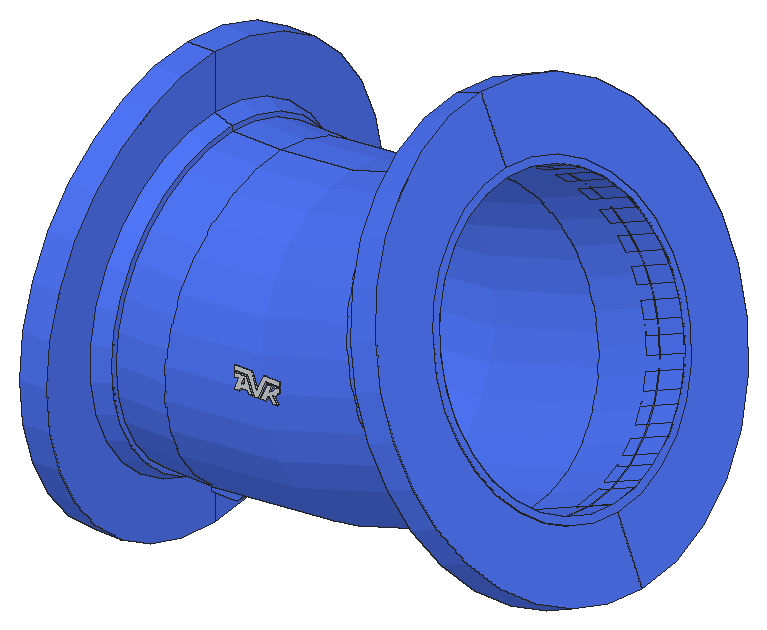
Revit family "712-0220-001-DN300", category Pipe Fittings, Revit 2019
Family settings
  Round Connector Dimension = Use Diameter
  Part Type = Elbow
  Work Plane-Based = No
  Always vertical = Yes
  Cut with Voids When Loaded = No
  Shared = No
Parameters (values of type "DN300_PN10/16")
  Rf_Dia = 185 mm
  RF_Thick = 4 mm
  L_Ref = 130 mm
  L = 210 mm
  ID(Radius) = [Nominal Diameter(DN)] / 2  # 150 mm
  Flange_thickness = 29 mm  # constant formula
  Nominal Diameter(DN) = 300 mm
  FOD = 227.5 mm
  URL product pages = "https://www.avkvalves.com/P.aspx?no=712030002201"
  Description_ = "AVK FLANGED BEND 22.5° W/LOOSE FLANGES"
  DN300_PN16 = "712-0300-02-201"
  DN300_PN10/16 = yes
  DN300_PN10 = "712-0300-02-200"
  Body_wallthickness = 15 mm + [Nominal Diameter(DN)]  # 315 mm
  A = 22.50°  # constant formula
Reference planes
  plane 1 "Center (Front/Back)": y = 0
  plane 2: z = 0
  plane 3 "Center (Left/Right)": x = 0
  plane 4: z = 360
  plane 5: x = 210
  plane 6: through (196.876, -1524, 31.683) normal (0.9239, 0, 0.3827)
  plane 7: through (390.891, -1524, 112.047) normal (0.9239, 0, 0.3827)
  plane 8: through (210, -1524, 0) normal (-0.3827, 0, 0.9239)
  plane 9: z = -195
  plane 10: x = 64
  plane 11: x = 54
  plane 12: z = -185
Forms (mm)
  Sweep 1, solid, material "Plastic"
    path origin (0, 0, 0) x (1, 0, 0) y (0, 0, -1)
      loop
        line (0, 0) -> (100.598, 0)
        arc (100.598, 0) -> (207.898, -10.568) -> (311.074, -41.866) r 550
        line (311.074, -41.866) -> (404.015, -80.364)
    profile origin (50.299, 0, 0) x (0, 0, 1) y (0, -1, 0)
      loop
        circle (0, 0) r 150
      loop
        circle (0, 0) r 157.5
  Revolve 2, solid, material "Plastic"
    sketch origin (0, 0, 0) x (1, 0, 0) y (0, 0, -1)
      loop
        line (0, 150) -> (29, 150) -> (29, 227.5) -> (0, 227.5) -> (0, 150)
      axis (0, 0) -> (29, 0)
    angle from 0 to 360
  Revolve 3, solid, material "Plastic"
    sketch origin (0, 0, 0) x (1, 0, 0) y (0, 0, -1)
      loop
        line (461.417, 58.218) -> (491.075, 129.819) -> (464.283, 140.917) -> (434.625, 69.316) -> (461.417, 58.218)
      axis (377.222, -69.266) -> (404.015, -80.364)
    angle from 0 to 360
  Revolve 4, solid, material "Plastic"
    sketch origin (0, 0, 0) x (1, 0, 0) y (0, 0, -1)
      loop
        line (29, 150) -> (47.478, 150) -> (47.478, 162.346) -> (29, 170) -> (29, 150)
      axis (29, 0) -> (47.478, 0)
    angle from 0 to 360
  Revolve 5, solid, material "Plastic"
    sketch origin (0, 0, 0) x (1, 0, 0) y (0, 0, -1)
      loop
        line (434.625, 69.316) -> (442.278, 87.794) -> (426.042, 87.794) -> (420.767, 75.056) -> (434.625, 69.316)
      axis (363.364, -63.525) -> (377.222, -69.266)
    angle from 0 to 360
  Extrusion 6, solid, material "Plastic"
    sketch origin (0, 0, 0) x (1, 0, 0) y (0, 0, 1)
      loop
        line (29, -150) -> (29, -195) -> (54, -195)
        arc (54, -195) -> (61.071, -192.071) -> (64, -185) r 10
        line (64, -185) -> (64, -150) -> (29, -150)
      loop
        circle (45.364, -178.07) r 7.889
    from -5.428 to 5.428
Dimensions and locks
  "L": plane 5 to plane 3 "Center (Left/Right)"
  "L": plane 6 to Sweep 1
  "Flange_thickness": Revolve 2 sketch curve to plane 3 "Center (Left/Right)"
  "ID(Radius)": Revolve 3 sketch curve to plane 8
  "FOD": Revolve 3 sketch curve to plane 8
  "Flange_thickness": Sweep 1 to Revolve 3 sketch curve
  locked: Revolve 2 to Revolve 4 sketch curve at 18.478
  locked: Revolve 4 sketch curve to Revolve 4 sketch curve at 20
  locked: Revolve 4 sketch curve to Revolve 4 sketch curve at 12.346
  "ID(Radius)": Revolve 5 sketch curve to plane 8
  locked: Revolve 5 sketch curve to Revolve 3 at 15
  Revolve 5 sketch curve to plane 8 = 170 mm
  locked: level to Extrusion 6 sketch curve at 195
  locked: level to Extrusion 6 sketch curve at 150
  equal spacing: Extrusion 6, plane 1 "Center (Front/Back)", Extrusion 6
  Extrusion 6 to Extrusion 6 = 10.857 mm
  "ID(Radius)": radius of Sweep 1 sketch curve
  "Body_wallthickness": diameter of Sweep 1 sketch curve
  "A": angle plane 5 to plane 6
  aligned and locked: level to plane 2
  aligned and locked: plane 3 "Center (Left/Right)" to Revolve 2 sketch curve
  aligned and locked: Revolve 3 sketch curve to Sweep 1
  aligned and locked: plane 8 to Revolve 3 sketch curve
  aligned and locked: Revolve 4 sketch curve to Revolve 2
  aligned and locked: Revolve 5 sketch curve to Revolve 3
  aligned and locked: plane 8 to Revolve 5 sketch curve
  aligned and locked: Revolve 2 to Extrusion 6 sketch curve
  aligned and locked: plane 11 to Extrusion 6 sketch curve
  aligned and locked: plane 10 to Extrusion 6 sketch curve
  aligned and locked: plane 12 to Extrusion 6 sketch curve
Automatic sketch dimensions
  Sweep 1 sketch curve to plane 3 "Center (Left/Right)" = 0 mm
  Sweep 1 sketch curve to plane 8 = 0 mm  (x2)
  Sweep 1 sketch curve to plane 7 = 0 mm
  Sweep 1 sketch curve to plane 3 "Center (Left/Right)" = 100.598 mm
  Sweep 1 sketch curve to Sweep 1 sketch curve = 92.941 mm
  Sweep 1 sketch curve to Sweep 1 sketch curve = 508.134 mm
  plane 4 to Revolve 4 sketch curve = 510 mm
  plane 3 "Center (Left/Right)" to Revolve 4 sketch curve = 41 mm
  Revolve 4 sketch curve to plane 3 "Center (Left/Right)" = 79 mm
  Revolve 4 sketch curve to Revolve 4 sketch curve = 150 mm
  Extrusion 6 sketch curve to Extrusion 6 sketch curve = 8.636 mm
  Extrusion 6 sketch curve to Extrusion 6 sketch curve = 6.93 mm
  Sweep 1 sketch curve to Sweep 1 sketch curve = 0 mm  (x2)
  Sweep 1 sketch curve to plane 1 "Center (Front/Back)" = 0 mm
  profile plane to Sweep 1 sketch curve = 0 mm
  Revolve 2 sketch curve to level = 0 mm
  level to Revolve 2 sketch curve = 150 mm
  Revolve 2 sketch curve to Revolve 2 sketch curve = 77.5 mm
  plane 3 "Center (Left/Right)" to Revolve 2 sketch curve = 30 mm
  Revolve 2 sketch curve to plane 3 "Center (Left/Right)" = 40 mm
  Revolve 3 sketch curve to plane 7 = 0 mm
  Revolve 3 sketch curve to level = 57.785 mm
  Revolve 5 sketch curve to level = 76.919 mm
  Revolve 5 sketch curve to level = 63.525 mm
  radius of Extrusion 6 sketch curve = 7.889 mm
Nested families
  nested 1: "LOGO - Copy - Copy.0002" at (201.213, -157.483, 11.645) x (1, -0.0027, 0) z (-0.0027, -0.9999, 0.0145), type "LOGO - Copy - Copy.0002"
Connectors
  piping at (0, 0, 0), diameter 300, driven by "Nominal Diameter(DN)"
    settings: on Revolve 2, index 1, connector inside diameter 609.6 mm, connector length 0 mm, flow factor 0, pipe flow 0.0 L/s, pressure drop 0.0 Pa, fitting loss kfactor 0, connector angle 0.00°, fixture units 0, engagement length 0 mm, angle of deflection 0.00°, flow configuration 0, flow direction 0, fitting loss method 0, system type 7, joint type 0, gender type 0, connector reference index -1, connector utility 0, adjustable connector no, is connector primary yes, connector description ""
  piping at (404.015, 0, 80.364), diameter 300, driven by "Nominal Diameter(DN)"
    settings: on Revolve 3, index 2, connector inside diameter 609.6 mm, connector length 0 mm, flow factor 0, pipe flow 0.0 L/s, pressure drop 0.0 Pa, fitting loss kfactor 0, connector angle 0.00°, fixture units 0, engagement length 0 mm, angle of deflection 0.00°, flow configuration 0, flow direction 0, fitting loss method 0, system type 7, joint type 0, gender type 0, connector reference index -1, connector utility 0, adjustable connector no, is connector primary no, connector description ""
Definition of nested family "LOGO - Copy - Copy.0002"
  Parameters (values of type "LOGO - Copy - Copy.0002")
    Default Elevation = 1219.2 mm
  Reference planes
    plane 1 "Center (Front/Back)": y = 0
    plane 2: z = 0
    plane 3 "Center (Left/Right)": x = 0
  Forms (mm)
    Extrusion 1, solid
      sketch origin (0, 0, 0) x (1, 0, 0) y (0, 1, 0)
        loop
          line (-1219.2, 1219.2) -> (-1219.2, -1219.2) -> (1219.2, -1219.2) -> (1219.2, 1219.2) -> (-1219.2, 1219.2)
      from 0 to -304.8
    Extrusion 2, solid
      sketch origin (0, 0, 0) x (1, 0, 0) y (0, 1, 0)
        loop
          line (-6.514, 34.224) -> (-24, 34.224) -> (-24, 29.481) -> (-9.766, 29.481) -> (-2.391, 11.367) -> (2.391, 11.367) -> (9.766, 29.481) -> (24, 29.481) -> (24, 34.224) -> (6.514, 34.224) -> (0, 18.224) -> (-6.514, 34.224)
        loop
          line (-10.996, 27.653) -> (-24, 27.653) -> (-24, 23.081) -> (-19.503, 23.081) -> (-24, 11.367) -> (-18.92, 11.367) -> (-17.955, 13.881) -> (-10.51, 13.881) -> (-9.486, 11.367) -> (-4.365, 11.367) -> (-10.996, 27.653)
        loop
          line (-16.777, 18.224) -> (-12.278, 18.224) -> (-14.594, 23.912) -> (-16.777, 18.224)
        loop
          line (4.365, 11.367) -> (9.486, 11.367) -> (12.093, 17.77) -> (16.918, 11.367) -> (22.857, 11.367) -> (17.399, 18.61)
          arc (17.399, 18.61) -> (20.583, 20.18) -> (22.629, 23.081) r 7.2
          line (22.629, 23.081) -> (24, 23.081) -> (24, 27.653) -> (19.429, 27.653)
          arc (19.429, 27.653) -> (17.763, 23.526) -> (13.699, 21.714) r 5.943
          line (13.699, 21.714) -> (16.117, 27.653) -> (10.996, 27.653) -> (4.365, 11.367)
      from 0 to 1
  Dimensions and locks
    aligned and locked: plane 2 to Extrusion 1
    aligned and locked: level to Extrusion 1
    aligned and locked: Extrusion 2 sketch curve to import instance
